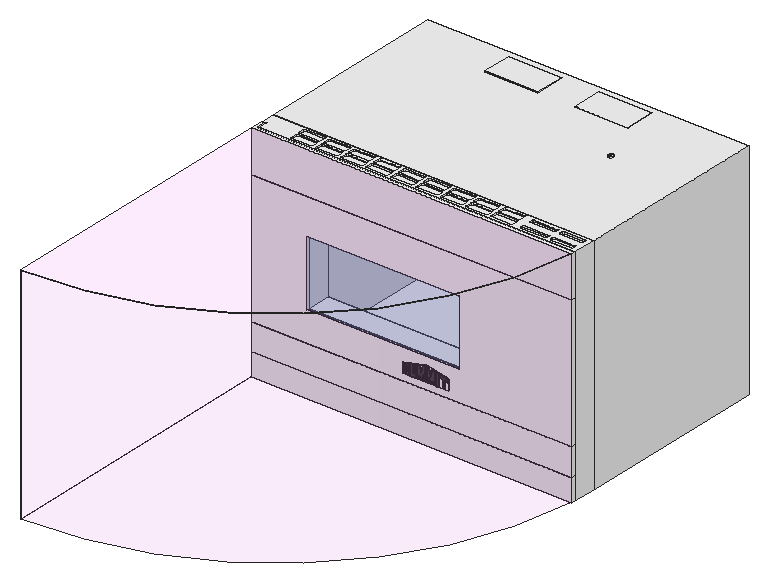
Revit family "Qf_Summit_MHOTR241W_24 inches Wide Over-The-Range Microwave", category Specialty Equipment, Revit 2020
Family settings
  Round Connector Dimension = Use Diameter
  Part Type = Normal
  Work Plane-Based = No
  Always vertical = Yes
  Cut with Voids When Loaded = No
  Shared = No
  Room Calculation Point = No
Parameters
  Weight in Pounds = 51
  Watts = 1000 W
  Volts = 115 V
  URL Cutsheet = ""
  Specification by User = ""
  Specification by Manufacturer = ""
  Show Clearance [instance] = yes
  Serial Number = ""
  Seismic Rating = ""
  SMACNA No = ""
  Revision Code = ""
  Phase = 1
  Number of Poles = 1
  NAFEM Spec ID Number = ""
  Model = "MHOTR241W"
  Min Ckt Ampacity = 0 A
  Max Overcurrent Protection = 0 A
  Masterspec = ""
  Manufacturer = "Summit"
  Length = 24"
  Item Number = ""
  Installed By = ""
  Identify Quantity as Lot = yes
  Height = 17 1/2"
  HP = ""
  Furnished By = ""
  Foodservice Equipment Identifier = yes
  FL Amps = 13.5 A
  Electrical Remarks = ""
  Electric Connection Type = ""
  Elec Conn RI Height = 16 3/4"
  Elec Conn Connection Height = 0"
  Description = "24\" Wide Over-the-Range Microwave"
  Depth = 17"
  Default Elevation = 0"
  Cycle = 60 Hz
  Conn Plug = ""
  Conn Conduit = yes
  CSI MasterFormat = ""
  Apparent Power = if(Phase = 3, Volts * FL Amps * 1.73, Volts * FL Amps)  # 1552.5 VA
Reference planes (in)
  plane 1 "BACK": y = 0
  plane 2: z = 0
  plane 3 "LEFT": x = 0
  plane 4 "RIGHT": x = 24
  plane 5 "FRONT": y = -17
  plane 6 "TOP": z = 17.5
  plane 7 "Center Y": x = 12
  plane 8 "Center X": y = -8.5
  plane 9: y = -38.75
  plane 10: y = -15
  plane 11: y = -0.5
  plane 12: y = -6.5
  plane 13: z = 0.75
  plane 14: z = 4.5
  plane 15: z = 2.4375
  plane 16: x = 18.5
  plane 17: z = 14.375
Forms (in)
  Extrusion 1, solid, material "QF_Plastic_White_Smooth"
    sketch origin (0, 0, 19.5) x (1, 0, 0) y (0, 1, 0)
      loop
        line (0, -17) -> (24, -17) -> (24, -16.75) -> (0.1875, -16.75) -> (0.1875, -16.125) -> (0, -16.125) -> (0, -17)
    from -15 to -5.125
  Extrusion 2, solid, material "QF_Plastic_White_Smooth"
    sketch origin (0, 0, 19.5) x (1, 0, 0) y (0, 1, 0)
      loop
        line (0.3125, -16) -> (0.3125, -16.75) -> (24, -16.75) -> (24, -15) -> (0, -15) -> (0, -16) -> (0.3125, -16)
    from -18.75 to -2
  Extrusion 3, solid, material "QF_Plastic_White_Smooth"
    sketch origin (0, 0, 19.5) x (1, 0, 0) y (0, 1, 0)
      loop
        line (0, -0.5) -> (0, -15) -> (24, -15) -> (24, -0.5) -> (0, -0.5)
    from -18.75 to -2
  Extrusion 4, solid, material "QF_Plastic_White_Smooth"
    sketch origin (0, 0, 19.5) x (1, 0, 0) y (0, 1, 0)
      loop
        line (2.125, 0) -> (1.625, -0.5) -> (22.5, -0.5) -> (22, 0) -> (2.125, 0)
    from -18 to -2.75
  Extrusion 5, void
    sketch origin (0, -16.375, 2.125) x (1, 0, 0) y (0, 0, -1)
      loop
        line (4.0625, -9.5625) -> (15.5625, -9.5625) -> (15.5625, -4.5625) -> (4.0625, -4.5625) -> (4.0625, -9.5625)
    from -0.625 to 1.375
  Extrusion 6, void
    sketch origin (0, -16.375, 2.125) x (1, 0, 0) y (0, 0, -1)
      loop
        line (2.9375, -11.0625) -> (17.4375, -11.0625) -> (17.4375, -1.0625) -> (2.9375, -1.0625) -> (2.9375, -11.0625)
    from 1.375 to 15.375
  Extrusion 7, solid, material "QF_Plastic_White_Smooth"
    sketch origin (0, -16.375, 2.125) x (1, 0, 0) y (0, 0, -1)
      loop
        line (0.375, 1.375) -> (23.625, 1.375) -> (23.11982, 2.125) -> (0.88018, 2.125) -> (0.375, 1.375)
    from 1.375 to 15.375
  Extrusion 8, solid, material "QF_Plastic_White_Smooth"
    sketch origin (0, 0, 6.5) x (1, 0, 0) y (0, 1, 0)
      loop
        line (0, -17) -> (24, -17) -> (24, -16.75) -> (0.1875, -16.75) -> (0.1875, -16.125) -> (0, -16.125) -> (0, -17)
    from -4.0625 to -2
  Extrusion 9, solid, material "QF_Plastic_White_Smooth"
    sketch origin (0, 0, 4.4375) x (1, 0, 0) y (0, 1, 0)
      loop
        line (0, -17) -> (24, -17) -> (24, -16.75) -> (0.1875, -16.75) -> (0.1875, -16.125) -> (0, -16.125) -> (0, -17)
    from -3.6875 to -2
  Extrusion 10, solid, material "Glass"
    sketch origin (24.125, -17, 19.5) x (-1, 0, 0) y (0, 0, -1)
      loop
        line (20.0625, 12.8125) -> (8.5625, 12.8125) -> (8.5625, 7.8125) -> (20.0625, 7.8125) -> (20.0625, 12.8125)
    from 0 to -2
  Extrusion 11, solid, material "QF_Plastic_White_Smooth"
    sketch origin (0, 0, 17.5) x (1, 0, 0) y (0, 1, 0)
      loop
        circle (18.5, -6.5) r 0.17168
      loop
        circle (18.5, -6.5) r 0.08422
      loop
        line (6.4375, -3.25) -> (10.4375, -3.25) -> (10.4375, -1) -> (6.4375, -1) -> (6.4375, -3.25)
      loop
        line (13.1875, -1) -> (13.1875, -3.25) -> (17.1875, -3.25) -> (17.1875, -1) -> (13.1875, -1)
    from 0 to 0.03332
  Extrusion 12, void
    sketch origin (0, 0, 17.5) x (0, 1, 0) y (1, 0, 0)
      loop
        arc (-15.34484, 2.5) -> (-15.25645, 2.53661) -> (-15.21984, 2.625) r 0.125
        line (-15.21984, 2.625) -> (-15.21984, 4)
        arc (-15.21984, 4) -> (-15.25645, 4.08839) -> (-15.34484, 4.125) r 0.125
        line (-15.34484, 4.125) -> (-15.71984, 4.125)
        arc (-15.71984, 4.125) -> (-15.80823, 4.08839) -> (-15.84484, 4) r 0.125
        line (-15.84484, 4) -> (-15.84484, 2.625)
        arc (-15.84484, 2.625) -> (-15.80823, 2.53661) -> (-15.71984, 2.5) r 0.125
        line (-15.71984, 2.5) -> (-15.34484, 2.5)
      loop
        arc (-16.0625, 2.5) -> (-15.97411, 2.53661) -> (-15.9375, 2.625) r 0.125
        line (-15.9375, 2.625) -> (-15.9375, 4)
        arc (-15.9375, 4) -> (-15.97411, 4.08839) -> (-16.0625, 4.125) r 0.125
        line (-16.0625, 4.125) -> (-16.4375, 4.125)
        arc (-16.4375, 4.125) -> (-16.52589, 4.08839) -> (-16.5625, 4) r 0.125
        line (-16.5625, 4) -> (-16.5625, 2.625)
        arc (-16.5625, 2.625) -> (-16.52589, 2.53661) -> (-16.4375, 2.5) r 0.125
        line (-16.4375, 2.5) -> (-16.0625, 2.5)
      loop
        arc (-15.34484, 4.375) -> (-15.25645, 4.41161) -> (-15.21984, 4.5) r 0.125
        line (-15.21984, 4.5) -> (-15.21984, 5.875)
        arc (-15.21984, 5.875) -> (-15.25645, 5.96339) -> (-15.34484, 6) r 0.125
        line (-15.34484, 6) -> (-15.71984, 6)
        arc (-15.71984, 6) -> (-15.80823, 5.96339) -> (-15.84484, 5.875) r 0.125
        line (-15.84484, 5.875) -> (-15.84484, 4.5)
        arc (-15.84484, 4.5) -> (-15.80823, 4.41161) -> (-15.71984, 4.375) r 0.125
        line (-15.71984, 4.375) -> (-15.34484, 4.375)
      loop
        arc (-16.0625, 4.375) -> (-15.97411, 4.41161) -> (-15.9375, 4.5) r 0.125
        line (-15.9375, 4.5) -> (-15.9375, 5.875)
        arc (-15.9375, 5.875) -> (-15.97411, 5.96339) -> (-16.0625, 6) r 0.125
        line (-16.0625, 6) -> (-16.4375, 6)
        arc (-16.4375, 6) -> (-16.52589, 5.96339) -> (-16.5625, 5.875) r 0.125
        line (-16.5625, 5.875) -> (-16.5625, 4.5)
        arc (-16.5625, 4.5) -> (-16.52589, 4.41161) -> (-16.4375, 4.375) r 0.125
        line (-16.4375, 4.375) -> (-16.0625, 4.375)
      loop
        arc (-15.34484, 6.25) -> (-15.25645, 6.28661) -> (-15.21984, 6.375) r 0.125
        line (-15.21984, 6.375) -> (-15.21984, 7.75)
        arc (-15.21984, 7.75) -> (-15.25645, 7.83839) -> (-15.34484, 7.875) r 0.125
        line (-15.34484, 7.875) -> (-15.71984, 7.875)
        arc (-15.71984, 7.875) -> (-15.80823, 7.83839) -> (-15.84484, 7.75) r 0.125
        line (-15.84484, 7.75) -> (-15.84484, 6.375)
        arc (-15.84484, 6.375) -> (-15.80823, 6.28661) -> (-15.71984, 6.25) r 0.125
        line (-15.71984, 6.25) -> (-15.34484, 6.25)
      loop
        arc (-16.0625, 6.25) -> (-15.97411, 6.28661) -> (-15.9375, 6.375) r 0.125
        line (-15.9375, 6.375) -> (-15.9375, 7.75)
        arc (-15.9375, 7.75) -> (-15.97411, 7.83839) -> (-16.0625, 7.875) r 0.125
        line (-16.0625, 7.875) -> (-16.4375, 7.875)
        arc (-16.4375, 7.875) -> (-16.52589, 7.83839) -> (-16.5625, 7.75) r 0.125
        line (-16.5625, 7.75) -> (-16.5625, 6.375)
        arc (-16.5625, 6.375) -> (-16.52589, 6.28661) -> (-16.4375, 6.25) r 0.125
        line (-16.4375, 6.25) -> (-16.0625, 6.25)
      loop
        arc (-15.34484, 8.125) -> (-15.25645, 8.16161) -> (-15.21984, 8.25) r 0.125
        line (-15.21984, 8.25) -> (-15.21984, 9.625)
        arc (-15.21984, 9.625) -> (-15.25645, 9.71339) -> (-15.34484, 9.75) r 0.125
        line (-15.34484, 9.75) -> (-15.71984, 9.75)
        arc (-15.71984, 9.75) -> (-15.80823, 9.71339) -> (-15.84484, 9.625) r 0.125
        line (-15.84484, 9.625) -> (-15.84484, 8.25)
        arc (-15.84484, 8.25) -> (-15.80823, 8.16161) -> (-15.71984, 8.125) r 0.125
        line (-15.71984, 8.125) -> (-15.34484, 8.125)
      loop
        arc (-16.0625, 8.125) -> (-15.97411, 8.16161) -> (-15.9375, 8.25) r 0.125
        line (-15.9375, 8.25) -> (-15.9375, 9.625)
        arc (-15.9375, 9.625) -> (-15.97411, 9.71339) -> (-16.0625, 9.75) r 0.125
        line (-16.0625, 9.75) -> (-16.4375, 9.75)
        arc (-16.4375, 9.75) -> (-16.52589, 9.71339) -> (-16.5625, 9.625) r 0.125
        line (-16.5625, 9.625) -> (-16.5625, 8.25)
        arc (-16.5625, 8.25) -> (-16.52589, 8.16161) -> (-16.4375, 8.125) r 0.125
        line (-16.4375, 8.125) -> (-16.0625, 8.125)
      loop
        arc (-15.34484, 10) -> (-15.25645, 10.03661) -> (-15.21984, 10.125) r 0.125
        line (-15.21984, 10.125) -> (-15.21984, 11.5)
        arc (-15.21984, 11.5) -> (-15.25645, 11.58839) -> (-15.34484, 11.625) r 0.125
        line (-15.34484, 11.625) -> (-15.71984, 11.625)
        arc (-15.71984, 11.625) -> (-15.80823, 11.58839) -> (-15.84484, 11.5) r 0.125
        line (-15.84484, 11.5) -> (-15.84484, 10.125)
        arc (-15.84484, 10.125) -> (-15.80823, 10.03661) -> (-15.71984, 10) r 0.125
        line (-15.71984, 10) -> (-15.34484, 10)
      loop
        arc (-16.0625, 10) -> (-15.97411, 10.03661) -> (-15.9375, 10.125) r 0.125
        line (-15.9375, 10.125) -> (-15.9375, 11.5)
        arc (-15.9375, 11.5) -> (-15.97411, 11.58839) -> (-16.0625, 11.625) r 0.125
        line (-16.0625, 11.625) -> (-16.4375, 11.625)
        arc (-16.4375, 11.625) -> (-16.52589, 11.58839) -> (-16.5625, 11.5) r 0.125
        line (-16.5625, 11.5) -> (-16.5625, 10.125)
        arc (-16.5625, 10.125) -> (-16.52589, 10.03661) -> (-16.4375, 10) r 0.125
        line (-16.4375, 10) -> (-16.0625, 10)
      loop
        arc (-15.34484, 11.875) -> (-15.25645, 11.91161) -> (-15.21984, 12) r 0.125
        line (-15.21984, 12) -> (-15.21984, 13.375)
        arc (-15.21984, 13.375) -> (-15.25645, 13.46339) -> (-15.34484, 13.5) r 0.125
        line (-15.34484, 13.5) -> (-15.71984, 13.5)
        arc (-15.71984, 13.5) -> (-15.80823, 13.46339) -> (-15.84484, 13.375) r 0.125
        line (-15.84484, 13.375) -> (-15.84484, 12)
        arc (-15.84484, 12) -> (-15.80823, 11.91161) -> (-15.71984, 11.875) r 0.125
        line (-15.71984, 11.875) -> (-15.34484, 11.875)
      loop
        arc (-16.0625, 11.875) -> (-15.97411, 11.91161) -> (-15.9375, 12) r 0.125
        line (-15.9375, 12) -> (-15.9375, 13.375)
        arc (-15.9375, 13.375) -> (-15.97411, 13.46339) -> (-16.0625, 13.5) r 0.125
        line (-16.0625, 13.5) -> (-16.4375, 13.5)
        arc (-16.4375, 13.5) -> (-16.52589, 13.46339) -> (-16.5625, 13.375) r 0.125
        line (-16.5625, 13.375) -> (-16.5625, 12)
        arc (-16.5625, 12) -> (-16.52589, 11.91161) -> (-16.4375, 11.875) r 0.125
        line (-16.4375, 11.875) -> (-16.0625, 11.875)
      loop
        arc (-15.34484, 13.75) -> (-15.25645, 13.78661) -> (-15.21984, 13.875) r 0.125
        line (-15.21984, 13.875) -> (-15.21984, 15.25)
        arc (-15.21984, 15.25) -> (-15.25645, 15.33839) -> (-15.34484, 15.375) r 0.125
        line (-15.34484, 15.375) -> (-15.71984, 15.375)
        arc (-15.71984, 15.375) -> (-15.80823, 15.33839) -> (-15.84484, 15.25) r 0.125
        line (-15.84484, 15.25) -> (-15.84484, 13.875)
        arc (-15.84484, 13.875) -> (-15.80823, 13.78661) -> (-15.71984, 13.75) r 0.125
        line (-15.71984, 13.75) -> (-15.34484, 13.75)
      loop
        arc (-16.0625, 13.75) -> (-15.97411, 13.78661) -> (-15.9375, 13.875) r 0.125
        line (-15.9375, 13.875) -> (-15.9375, 15.25)
        arc (-15.9375, 15.25) -> (-15.97411, 15.33839) -> (-16.0625, 15.375) r 0.125
        line (-16.0625, 15.375) -> (-16.4375, 15.375)
        arc (-16.4375, 15.375) -> (-16.52589, 15.33839) -> (-16.5625, 15.25) r 0.125
        line (-16.5625, 15.25) -> (-16.5625, 13.875)
        arc (-16.5625, 13.875) -> (-16.52589, 13.78661) -> (-16.4375, 13.75) r 0.125
        line (-16.4375, 13.75) -> (-16.0625, 13.75)
      loop
        arc (-15.34484, 15.625) -> (-15.25645, 15.66161) -> (-15.21984, 15.75) r 0.125
        line (-15.21984, 15.75) -> (-15.21984, 17.125)
        arc (-15.21984, 17.125) -> (-15.25645, 17.21339) -> (-15.34484, 17.25) r 0.125
        line (-15.34484, 17.25) -> (-15.71984, 17.25)
        arc (-15.71984, 17.25) -> (-15.80823, 17.21339) -> (-15.84484, 17.125) r 0.125
        line (-15.84484, 17.125) -> (-15.84484, 15.75)
        arc (-15.84484, 15.75) -> (-15.80823, 15.66161) -> (-15.71984, 15.625) r 0.125
        line (-15.71984, 15.625) -> (-15.34484, 15.625)
      loop
        arc (-16.0625, 15.625) -> (-15.97411, 15.66161) -> (-15.9375, 15.75) r 0.125
        line (-15.9375, 15.75) -> (-15.9375, 17.125)
        arc (-15.9375, 17.125) -> (-15.97411, 17.21339) -> (-16.0625, 17.25) r 0.125
        line (-16.0625, 17.25) -> (-16.4375, 17.25)
        arc (-16.4375, 17.25) -> (-16.52589, 17.21339) -> (-16.5625, 17.125) r 0.125
        line (-16.5625, 17.125) -> (-16.5625, 15.75)
        arc (-16.5625, 15.75) -> (-16.52589, 15.66161) -> (-16.4375, 15.625) r 0.125
        line (-16.4375, 15.625) -> (-16.0625, 15.625)
      loop
        arc (-15.34484, 17.5) -> (-15.25645, 17.53661) -> (-15.21984, 17.625) r 0.125
        line (-15.21984, 17.625) -> (-15.21984, 19)
        arc (-15.21984, 19) -> (-15.25645, 19.08839) -> (-15.34484, 19.125) r 0.125
        line (-15.34484, 19.125) -> (-15.71984, 19.125)
        arc (-15.71984, 19.125) -> (-15.80823, 19.08839) -> (-15.84484, 19) r 0.125
        line (-15.84484, 19) -> (-15.84484, 17.625)
        arc (-15.84484, 17.625) -> (-15.80823, 17.53661) -> (-15.71984, 17.5) r 0.125
        line (-15.71984, 17.5) -> (-15.34484, 17.5)
      loop
        arc (-16.0625, 17.5) -> (-15.97411, 17.53661) -> (-15.9375, 17.625) r 0.125
        line (-15.9375, 17.625) -> (-15.9375, 19)
        arc (-15.9375, 19) -> (-15.97411, 19.08839) -> (-16.0625, 19.125) r 0.125
        line (-16.0625, 19.125) -> (-16.4375, 19.125)
        arc (-16.4375, 19.125) -> (-16.52589, 19.08839) -> (-16.5625, 19) r 0.125
        line (-16.5625, 19) -> (-16.5625, 17.625)
        arc (-16.5625, 17.625) -> (-16.52589, 17.53661) -> (-16.4375, 17.5) r 0.125
        line (-16.4375, 17.5) -> (-16.0625, 17.5)
      loop
        arc (-15.4375, 19.6931) -> (-15.34911, 19.72971) -> (-15.3125, 19.8181) r 0.125
        line (-15.3125, 19.8181) -> (-15.3125, 21.5681)
        arc (-15.3125, 21.5681) -> (-15.34911, 21.65649) -> (-15.4375, 21.6931) r 0.125
        line (-15.4375, 21.6931) -> (-15.5625, 21.6931)
        arc (-15.5625, 21.6931) -> (-15.65089, 21.65649) -> (-15.6875, 21.5681) r 0.125
        line (-15.6875, 21.5681) -> (-15.6875, 19.8181)
        arc (-15.6875, 19.8181) -> (-15.65089, 19.72971) -> (-15.5625, 19.6931) r 0.125
        line (-15.5625, 19.6931) -> (-15.4375, 19.6931)
      loop
        arc (-16.3125, 19.6931) -> (-16.22411, 19.72971) -> (-16.1875, 19.8181) r 0.125
        line (-16.1875, 19.8181) -> (-16.1875, 21.5681)
        arc (-16.1875, 21.5681) -> (-16.22411, 21.65649) -> (-16.3125, 21.6931) r 0.125
        line (-16.3125, 21.6931) -> (-16.4375, 21.6931)
        arc (-16.4375, 21.6931) -> (-16.52589, 21.65649) -> (-16.5625, 21.5681) r 0.125
        line (-16.5625, 21.5681) -> (-16.5625, 19.8181)
        arc (-16.5625, 19.8181) -> (-16.52589, 19.72971) -> (-16.4375, 19.6931) r 0.125
        line (-16.4375, 19.6931) -> (-16.3125, 19.6931)
      loop
        arc (-15.4375, 21.9431) -> (-15.34911, 21.97971) -> (-15.3125, 22.0681) r 0.125
        line (-15.3125, 22.0681) -> (-15.3125, 23.5681)
        arc (-15.3125, 23.5681) -> (-15.34911, 23.65649) -> (-15.4375, 23.6931) r 0.125
        line (-15.4375, 23.6931) -> (-15.5625, 23.6931)
        arc (-15.5625, 23.6931) -> (-15.65089, 23.65649) -> (-15.6875, 23.5681) r 0.125
        line (-15.6875, 23.5681) -> (-15.6875, 22.0681)
        arc (-15.6875, 22.0681) -> (-15.65089, 21.97971) -> (-15.5625, 21.9431) r 0.125
        line (-15.5625, 21.9431) -> (-15.4375, 21.9431)
      loop
        arc (-16.3125, 21.9431) -> (-16.22411, 21.97971) -> (-16.1875, 22.0681) r 0.125
        line (-16.1875, 22.0681) -> (-16.1875, 23.5681)
        arc (-16.1875, 23.5681) -> (-16.22411, 23.65649) -> (-16.3125, 23.6931) r 0.125
        line (-16.3125, 23.6931) -> (-16.4375, 23.6931)
        arc (-16.4375, 23.6931) -> (-16.52589, 23.65649) -> (-16.5625, 23.5681) r 0.125
        line (-16.5625, 23.5681) -> (-16.5625, 22.0681)
        arc (-16.5625, 22.0681) -> (-16.52589, 21.97971) -> (-16.4375, 21.9431) r 0.125
        line (-16.4375, 21.9431) -> (-16.3125, 21.9431)
    from 0 to 0.08627
  Extrusion 13, solid, material "QF_Plastic_White_Smooth"
    sketch origin (0, 0, 22.625) x (1, 0, 0) y (0, 1, 0)
      loop
        line (0, -17) -> (24, -17) -> (24, -16.75) -> (0.1875, -16.75) -> (0.1875, -16.125) -> (0, -16.125) -> (0, -17)
    from -8.25 to -5.125
  Extrusion 14, solid, material "QF_Clearances_Door_Drawer"
    sketch origin (0, 0, 19.5) x (1, 0, 0) y (0, 1, 0)
      loop
        line (24, -17) -> (0, -17) -> (0, -38.75) -> (0.1057, -38.75)
        arc (0.1057, -38.75) -> (16.2612, -32.49824) -> (24, -17) r 24
    from -18.75 to -2
Cuts and joins
  Extrusion 5 cuts Extrusion 1
  Extrusion 5, Extrusion 12 cuts Extrusion 2
  Extrusion 6 cuts Extrusion 3
  joined: Extrusion 3, Extrusion 11
  Extrusion 12 cuts Extrusion 10
Lines and regions (in)
  Split face 1
    outline origin (24.84375, -17, 6.5) x (-1, 0, 0) y (0, 0, -1)
      loop
        line (20.65625, 2.3125) -> (21.78125, 2.3125)
        arc (21.78125, 2.3125) -> (21.86964, 2.34911) -> (21.90625, 2.4375) r 0.125
        line (21.90625, 2.4375) -> (21.90625, 2.8125)
        arc (21.90625, 2.8125) -> (21.86964, 2.90089) -> (21.78125, 2.9375) r 0.125
        line (21.78125, 2.9375) -> (20.65625, 2.9375)
        arc (20.65625, 2.9375) -> (20.56786, 2.90089) -> (20.53125, 2.8125) r 0.125
        line (20.53125, 2.8125) -> (20.53125, 2.4375)
        arc (20.53125, 2.4375) -> (20.56786, 2.34911) -> (20.65625, 2.3125) r 0.125
  Split face 2
    outline origin (24.84375, -17, 5.5) x (-1, 0, 0) y (0, 0, -1)
      loop
        line (20.65625, 2.3125) -> (21.78125, 2.3125)
        arc (21.78125, 2.3125) -> (21.86964, 2.34911) -> (21.90625, 2.4375) r 0.125
        line (21.90625, 2.4375) -> (21.90625, 2.8125)
        arc (21.90625, 2.8125) -> (21.86964, 2.90089) -> (21.78125, 2.9375) r 0.125
        line (21.78125, 2.9375) -> (20.65625, 2.9375)
        arc (20.65625, 2.9375) -> (20.56786, 2.90089) -> (20.53125, 2.8125) r 0.125
        line (20.53125, 2.8125) -> (20.53125, 2.4375)
        arc (20.53125, 2.4375) -> (20.56786, 2.34911) -> (20.65625, 2.3125) r 0.125
  Split face 3
    outline origin (27.31553, -17, 6.5) x (-1, 0, 0) y (0, 0, -1)
      loop
        line (20.65625, 2.3125) -> (21.78125, 2.3125)
        arc (21.78125, 2.3125) -> (21.86964, 2.34911) -> (21.90625, 2.4375) r 0.125
        line (21.90625, 2.4375) -> (21.90625, 2.8125)
        arc (21.90625, 2.8125) -> (21.86964, 2.90089) -> (21.78125, 2.9375) r 0.125
        line (21.78125, 2.9375) -> (20.65625, 2.9375)
        arc (20.65625, 2.9375) -> (20.56786, 2.90089) -> (20.53125, 2.8125) r 0.125
        line (20.53125, 2.8125) -> (20.53125, 2.4375)
        arc (20.53125, 2.4375) -> (20.56786, 2.34911) -> (20.65625, 2.3125) r 0.125
  Split face 4
    outline origin (27.31553, -17, 5.5) x (-1, 0, 0) y (0, 0, -1)
      loop
        line (20.65625, 2.3125) -> (21.78125, 2.3125)
        arc (21.78125, 2.3125) -> (21.86964, 2.34911) -> (21.90625, 2.4375) r 0.125
        line (21.90625, 2.4375) -> (21.90625, 2.8125)
        arc (21.90625, 2.8125) -> (21.86964, 2.90089) -> (21.78125, 2.9375) r 0.125
        line (21.78125, 2.9375) -> (20.65625, 2.9375)
        arc (20.65625, 2.9375) -> (20.56786, 2.90089) -> (20.53125, 2.8125) r 0.125
        line (20.53125, 2.8125) -> (20.53125, 2.4375)
        arc (20.53125, 2.4375) -> (20.56786, 2.34911) -> (20.65625, 2.3125) r 0.125
  Split face 5
    outline origin (29.19053, -17, 6.5) x (-1, 0, 0) y (0, 0, -1)
      loop
        line (20.65625, 2.3125) -> (21.78125, 2.3125)
        arc (21.78125, 2.3125) -> (21.86964, 2.34911) -> (21.90625, 2.4375) r 0.125
        line (21.90625, 2.4375) -> (21.90625, 2.8125)
        arc (21.90625, 2.8125) -> (21.86964, 2.90089) -> (21.78125, 2.9375) r 0.125
        line (21.78125, 2.9375) -> (20.65625, 2.9375)
        arc (20.65625, 2.9375) -> (20.56786, 2.90089) -> (20.53125, 2.8125) r 0.125
        line (20.53125, 2.8125) -> (20.53125, 2.4375)
        arc (20.53125, 2.4375) -> (20.56786, 2.34911) -> (20.65625, 2.3125) r 0.125
  Split face 6
    outline origin (29.19053, -17, 5.5) x (-1, 0, 0) y (0, 0, -1)
      loop
        line (20.65625, 2.3125) -> (21.78125, 2.3125)
        arc (21.78125, 2.3125) -> (21.86964, 2.34911) -> (21.90625, 2.4375) r 0.125
        line (21.90625, 2.4375) -> (21.90625, 2.8125)
        arc (21.90625, 2.8125) -> (21.86964, 2.90089) -> (21.78125, 2.9375) r 0.125
        line (21.78125, 2.9375) -> (20.65625, 2.9375)
        arc (20.65625, 2.9375) -> (20.56786, 2.90089) -> (20.53125, 2.8125) r 0.125
        line (20.53125, 2.8125) -> (20.53125, 2.4375)
        arc (20.53125, 2.4375) -> (20.56786, 2.34911) -> (20.65625, 2.3125) r 0.125
  Split face 7
    outline origin (31.66231, -17, 6.5) x (-1, 0, 0) y (0, 0, -1)
      loop
        line (20.65625, 2.3125) -> (21.78125, 2.3125)
        arc (21.78125, 2.3125) -> (21.86964, 2.34911) -> (21.90625, 2.4375) r 0.125
        line (21.90625, 2.4375) -> (21.90625, 2.8125)
        arc (21.90625, 2.8125) -> (21.86964, 2.90089) -> (21.78125, 2.9375) r 0.125
        line (21.78125, 2.9375) -> (20.65625, 2.9375)
        arc (20.65625, 2.9375) -> (20.56786, 2.90089) -> (20.53125, 2.8125) r 0.125
        line (20.53125, 2.8125) -> (20.53125, 2.4375)
        arc (20.53125, 2.4375) -> (20.56786, 2.34911) -> (20.65625, 2.3125) r 0.125
  Split face 8
    outline origin (31.66231, -17, 5.5) x (-1, 0, 0) y (0, 0, -1)
      loop
        line (20.65625, 2.3125) -> (21.78125, 2.3125)
        arc (21.78125, 2.3125) -> (21.86964, 2.34911) -> (21.90625, 2.4375) r 0.125
        line (21.90625, 2.4375) -> (21.90625, 2.8125)
        arc (21.90625, 2.8125) -> (21.86964, 2.90089) -> (21.78125, 2.9375) r 0.125
        line (21.78125, 2.9375) -> (20.65625, 2.9375)
        arc (20.65625, 2.9375) -> (20.56786, 2.90089) -> (20.53125, 2.8125) r 0.125
        line (20.53125, 2.8125) -> (20.53125, 2.4375)
        arc (20.53125, 2.4375) -> (20.56786, 2.34911) -> (20.65625, 2.3125) r 0.125
  Split face 9
    outline origin (40.66231, -17, 6.625) x (-1, 0, 0) y (0, 0, -1)
      loop
        line (20.65625, 2.3125) -> (21.78125, 2.3125)
        arc (21.78125, 2.3125) -> (21.86964, 2.34911) -> (21.90625, 2.4375) r 0.125
        line (21.90625, 2.4375) -> (21.90625, 2.8125)
        arc (21.90625, 2.8125) -> (21.86964, 2.90089) -> (21.78125, 2.9375) r 0.125
        line (21.78125, 2.9375) -> (20.65625, 2.9375)
        arc (20.65625, 2.9375) -> (20.56786, 2.90089) -> (20.53125, 2.8125) r 0.125
        line (20.53125, 2.8125) -> (20.53125, 2.4375)
        arc (20.53125, 2.4375) -> (20.56786, 2.34911) -> (20.65625, 2.3125) r 0.125
  Split face 10
    outline origin (40.66231, -17, 5.625) x (-1, 0, 0) y (0, 0, -1)
      loop
        line (20.65625, 2.3125) -> (21.78125, 2.3125)
        arc (21.78125, 2.3125) -> (21.86964, 2.34911) -> (21.90625, 2.4375) r 0.125
        line (21.90625, 2.4375) -> (21.90625, 2.8125)
        arc (21.90625, 2.8125) -> (21.86964, 2.90089) -> (21.78125, 2.9375) r 0.125
        line (21.78125, 2.9375) -> (20.65625, 2.9375)
        arc (20.65625, 2.9375) -> (20.56786, 2.90089) -> (20.53125, 2.8125) r 0.125
        line (20.53125, 2.8125) -> (20.53125, 2.4375)
        arc (20.53125, 2.4375) -> (20.56786, 2.34911) -> (20.65625, 2.3125) r 0.125
  Split face 11
    outline origin (42.53125, -17, 6.625) x (-1, 0, 0) y (0, 0, -1)
      loop
        line (20.65625, 2.3125) -> (21.78125, 2.3125)
        arc (21.78125, 2.3125) -> (21.86964, 2.34911) -> (21.90625, 2.4375) r 0.125
        line (21.90625, 2.4375) -> (21.90625, 2.8125)
        arc (21.90625, 2.8125) -> (21.86964, 2.90089) -> (21.78125, 2.9375) r 0.125
        line (21.78125, 2.9375) -> (20.65625, 2.9375)
        arc (20.65625, 2.9375) -> (20.56786, 2.90089) -> (20.53125, 2.8125) r 0.125
        line (20.53125, 2.8125) -> (20.53125, 2.4375)
        arc (20.53125, 2.4375) -> (20.56786, 2.34911) -> (20.65625, 2.3125) r 0.125
  Split face 12
    outline origin (42.53125, -17, 5.625) x (-1, 0, 0) y (0, 0, -1)
      loop
        line (20.65625, 2.3125) -> (21.78125, 2.3125)
        arc (21.78125, 2.3125) -> (21.86964, 2.34911) -> (21.90625, 2.4375) r 0.125
        line (21.90625, 2.4375) -> (21.90625, 2.8125)
        arc (21.90625, 2.8125) -> (21.86964, 2.90089) -> (21.78125, 2.9375) r 0.125
        line (21.78125, 2.9375) -> (20.65625, 2.9375)
        arc (20.65625, 2.9375) -> (20.56786, 2.90089) -> (20.53125, 2.8125) r 0.125
        line (20.53125, 2.8125) -> (20.53125, 2.4375)
        arc (20.53125, 2.4375) -> (20.56786, 2.34911) -> (20.65625, 2.3125) r 0.125
  Split face 13
    outline origin (35.41231, -17, 6.625) x (-1, 0, 0) y (0, 0, -1)
      loop
        arc (20.31856, 2.3125) -> (20.34066, 2.32165) -> (20.34981, 2.34375) r 0.03125
        line (20.34981, 2.34375) -> (20.34981, 2.73958)
        arc (20.34981, 2.73958) -> (20.34066, 2.76168) -> (20.31856, 2.77083) r 0.03125
        line (20.31856, 2.77083) -> (19.88106, 2.77083)
        arc (19.88106, 2.77083) -> (19.85896, 2.76168) -> (19.84981, 2.73958) r 0.03125
        line (19.84981, 2.73958) -> (19.84981, 2.34375)
        arc (19.84981, 2.34375) -> (19.85896, 2.32165) -> (19.88106, 2.3125) r 0.03125
        line (19.88106, 2.3125) -> (20.31856, 2.3125)
  Split face 14
    outline origin (36.09981, -17, 6.625) x (-1, 0, 0) y (0, 0, -1)
      loop
        arc (20.31856, 2.3125) -> (20.34066, 2.32165) -> (20.34981, 2.34375) r 0.03125
        line (20.34981, 2.34375) -> (20.34981, 2.73958)
        arc (20.34981, 2.73958) -> (20.34066, 2.76168) -> (20.31856, 2.77083) r 0.03125
        line (20.31856, 2.77083) -> (19.88106, 2.77083)
        arc (19.88106, 2.77083) -> (19.85896, 2.76168) -> (19.84981, 2.73958) r 0.03125
        line (19.84981, 2.73958) -> (19.84981, 2.34375)
        arc (19.84981, 2.34375) -> (19.85896, 2.32165) -> (19.88106, 2.3125) r 0.03125
        line (19.88106, 2.3125) -> (20.31856, 2.3125)
  Split face 15
    outline origin (36.78731, -17, 6.625) x (-1, 0, 0) y (0, 0, -1)
      loop
        arc (20.31856, 2.3125) -> (20.34066, 2.32165) -> (20.34981, 2.34375) r 0.03125
        line (20.34981, 2.34375) -> (20.34981, 2.73958)
        arc (20.34981, 2.73958) -> (20.34066, 2.76168) -> (20.31856, 2.77083) r 0.03125
        line (20.31856, 2.77083) -> (19.88106, 2.77083)
        arc (19.88106, 2.77083) -> (19.85896, 2.76168) -> (19.84981, 2.73958) r 0.03125
        line (19.84981, 2.73958) -> (19.84981, 2.34375)
        arc (19.84981, 2.34375) -> (19.85896, 2.32165) -> (19.88106, 2.3125) r 0.03125
        line (19.88106, 2.3125) -> (20.31856, 2.3125)
  Split face 16
    outline origin (37.47481, -17, 6.625) x (-1, 0, 0) y (0, 0, -1)
      loop
        arc (20.31856, 2.3125) -> (20.34066, 2.32165) -> (20.34981, 2.34375) r 0.03125
        line (20.34981, 2.34375) -> (20.34981, 2.73958)
        arc (20.34981, 2.73958) -> (20.34066, 2.76168) -> (20.31856, 2.77083) r 0.03125
        line (20.31856, 2.77083) -> (19.88106, 2.77083)
        arc (19.88106, 2.77083) -> (19.85896, 2.76168) -> (19.84981, 2.73958) r 0.03125
        line (19.84981, 2.73958) -> (19.84981, 2.34375)
        arc (19.84981, 2.34375) -> (19.85896, 2.32165) -> (19.88106, 2.3125) r 0.03125
        line (19.88106, 2.3125) -> (20.31856, 2.3125)
  Split face 17
    outline origin (38.16231, -17, 6.625) x (-1, 0, 0) y (0, 0, -1)
      loop
        arc (20.31856, 2.3125) -> (20.34066, 2.32165) -> (20.34981, 2.34375) r 0.03125
        line (20.34981, 2.34375) -> (20.34981, 2.73958)
        arc (20.34981, 2.73958) -> (20.34066, 2.76168) -> (20.31856, 2.77083) r 0.03125
        line (20.31856, 2.77083) -> (19.88106, 2.77083)
        arc (19.88106, 2.77083) -> (19.85896, 2.76168) -> (19.84981, 2.73958) r 0.03125
        line (19.84981, 2.73958) -> (19.84981, 2.34375)
        arc (19.84981, 2.34375) -> (19.85896, 2.32165) -> (19.88106, 2.3125) r 0.03125
        line (19.88106, 2.3125) -> (20.31856, 2.3125)
  Split face 18
    outline origin (35.41231, -17, 5.50251) x (-1, 0, 0) y (0, 0, -1)
      loop
        arc (20.31856, 2.3125) -> (20.34066, 2.32165) -> (20.34981, 2.34375) r 0.03125
        line (20.34981, 2.34375) -> (20.34981, 2.73958)
        arc (20.34981, 2.73958) -> (20.34066, 2.76168) -> (20.31856, 2.77083) r 0.03125
        line (20.31856, 2.77083) -> (19.88106, 2.77083)
        arc (19.88106, 2.77083) -> (19.85896, 2.76168) -> (19.84981, 2.73958) r 0.03125
        line (19.84981, 2.73958) -> (19.84981, 2.34375)
        arc (19.84981, 2.34375) -> (19.85896, 2.32165) -> (19.88106, 2.3125) r 0.03125
        line (19.88106, 2.3125) -> (20.31856, 2.3125)
  Split face 19
    outline origin (36.09981, -17, 5.50251) x (-1, 0, 0) y (0, 0, -1)
      loop
        arc (20.31856, 2.3125) -> (20.34066, 2.32165) -> (20.34981, 2.34375) r 0.03125
        line (20.34981, 2.34375) -> (20.34981, 2.73958)
        arc (20.34981, 2.73958) -> (20.34066, 2.76168) -> (20.31856, 2.77083) r 0.03125
        line (20.31856, 2.77083) -> (19.88106, 2.77083)
        arc (19.88106, 2.77083) -> (19.85896, 2.76168) -> (19.84981, 2.73958) r 0.03125
        line (19.84981, 2.73958) -> (19.84981, 2.34375)
        arc (19.84981, 2.34375) -> (19.85896, 2.32165) -> (19.88106, 2.3125) r 0.03125
        line (19.88106, 2.3125) -> (20.31856, 2.3125)
  Split face 20
    outline origin (36.78731, -17, 5.50251) x (-1, 0, 0) y (0, 0, -1)
      loop
        arc (20.31856, 2.3125) -> (20.34066, 2.32165) -> (20.34981, 2.34375) r 0.03125
        line (20.34981, 2.34375) -> (20.34981, 2.73958)
        arc (20.34981, 2.73958) -> (20.34066, 2.76168) -> (20.31856, 2.77083) r 0.03125
        line (20.31856, 2.77083) -> (19.88106, 2.77083)
        arc (19.88106, 2.77083) -> (19.85896, 2.76168) -> (19.84981, 2.73958) r 0.03125
        line (19.84981, 2.73958) -> (19.84981, 2.34375)
        arc (19.84981, 2.34375) -> (19.85896, 2.32165) -> (19.88106, 2.3125) r 0.03125
        line (19.88106, 2.3125) -> (20.31856, 2.3125)
  Split face 21
    outline origin (37.47481, -17, 5.50251) x (-1, 0, 0) y (0, 0, -1)
      loop
        arc (20.31856, 2.3125) -> (20.34066, 2.32165) -> (20.34981, 2.34375) r 0.03125
        line (20.34981, 2.34375) -> (20.34981, 2.73958)
        arc (20.34981, 2.73958) -> (20.34066, 2.76168) -> (20.31856, 2.77083) r 0.03125
        line (20.31856, 2.77083) -> (19.88106, 2.77083)
        arc (19.88106, 2.77083) -> (19.85896, 2.76168) -> (19.84981, 2.73958) r 0.03125
        line (19.84981, 2.73958) -> (19.84981, 2.34375)
        arc (19.84981, 2.34375) -> (19.85896, 2.32165) -> (19.88106, 2.3125) r 0.03125
        line (19.88106, 2.3125) -> (20.31856, 2.3125)
  Split face 22
    outline origin (38.16231, -17, 5.50251) x (-1, 0, 0) y (0, 0, -1)
      loop
        arc (20.31856, 2.3125) -> (20.34066, 2.32165) -> (20.34981, 2.34375) r 0.03125
        line (20.34981, 2.34375) -> (20.34981, 2.73958)
        arc (20.34981, 2.73958) -> (20.34066, 2.76168) -> (20.31856, 2.77083) r 0.03125
        line (20.31856, 2.77083) -> (19.88106, 2.77083)
        arc (19.88106, 2.77083) -> (19.85896, 2.76168) -> (19.84981, 2.73958) r 0.03125
        line (19.84981, 2.73958) -> (19.84981, 2.34375)
        arc (19.84981, 2.34375) -> (19.85896, 2.32165) -> (19.88106, 2.3125) r 0.03125
        line (19.88106, 2.3125) -> (20.31856, 2.3125)
  Split face 23
    outline origin (34.16231, -17, 6.5) x (-1, 0, 0) y (0, 0, -1)
      loop
        line (21.90625, 3.625) -> (19.90625, 3.625) -> (19.90625, 2.625) -> (21.90625, 2.625) -> (21.90625, 3.625)
  Split face 24
    outline origin (24.25, -17, 6.5) x (-1, 0, 0) y (0, 0, -1)
      loop
        arc (5.35331, 2.20312) -> (5.4417, 2.23974) -> (5.47831, 2.32812) r 0.125
        line (5.47831, 2.32812) -> (5.47831, 2.67187)
        arc (5.47831, 2.67187) -> (5.4417, 2.76026) -> (5.35331, 2.79687) r 0.125
        line (5.35331, 2.79687) -> (4.25956, 2.79687)
        arc (4.25956, 2.79687) -> (4.17117, 2.76026) -> (4.13456, 2.67187) r 0.125
        line (4.13456, 2.67187) -> (4.13456, 2.32812)
        arc (4.13456, 2.32812) -> (4.17117, 2.23974) -> (4.25956, 2.20312) r 0.125
        line (4.25956, 2.20312) -> (5.35331, 2.20312)
  Split face 25
    outline origin (24.25, -17, 5.5) x (-1, 0, 0) y (0, 0, -1)
      loop
        arc (5.35331, 2.20312) -> (5.4417, 2.23974) -> (5.47831, 2.32812) r 0.125
        line (5.47831, 2.32812) -> (5.47831, 2.67187)
        arc (5.47831, 2.67187) -> (5.4417, 2.76026) -> (5.35331, 2.79687) r 0.125
        line (5.35331, 2.79687) -> (4.25956, 2.79687)
        arc (4.25956, 2.79687) -> (4.17117, 2.76026) -> (4.13456, 2.67187) r 0.125
        line (4.13456, 2.67187) -> (4.13456, 2.32812)
        arc (4.13456, 2.32812) -> (4.17117, 2.23974) -> (4.25956, 2.20312) r 0.125
        line (4.25956, 2.20312) -> (5.35331, 2.20312)
  Split face 26
    outline origin (15.25, -17, 6.375) x (-1, 0, 0) y (0, 0, -1)
      loop
        arc (5.35331, 2.20312) -> (5.4417, 2.23974) -> (5.47831, 2.32812) r 0.125
        line (5.47831, 2.32812) -> (5.47831, 2.67187)
        arc (5.47831, 2.67187) -> (5.4417, 2.76026) -> (5.35331, 2.79687) r 0.125
        line (5.35331, 2.79687) -> (4.25956, 2.79687)
        arc (4.25956, 2.79687) -> (4.17117, 2.76026) -> (4.13456, 2.67187) r 0.125
        line (4.13456, 2.67187) -> (4.13456, 2.32812)
        arc (4.13456, 2.32812) -> (4.17117, 2.23974) -> (4.25956, 2.20312) r 0.125
        line (4.25956, 2.20312) -> (5.35331, 2.20312)
  Split face 27
    outline origin (15.25, -17, 5.375) x (-1, 0, 0) y (0, 0, -1)
      loop
        arc (5.35331, 2.20312) -> (5.4417, 2.23974) -> (5.47831, 2.32812) r 0.125
        line (5.47831, 2.32812) -> (5.47831, 2.67187)
        arc (5.47831, 2.67187) -> (5.4417, 2.76026) -> (5.35331, 2.79687) r 0.125
        line (5.35331, 2.79687) -> (4.25956, 2.79687)
        arc (4.25956, 2.79687) -> (4.17117, 2.76026) -> (4.13456, 2.67187) r 0.125
        line (4.13456, 2.67187) -> (4.13456, 2.32812)
        arc (4.13456, 2.32812) -> (4.17117, 2.23974) -> (4.25956, 2.20312) r 0.125
        line (4.25956, 2.20312) -> (5.35331, 2.20312)
  Split face 28
    outline origin (12.77822, -17, 6.375) x (-1, 0, 0) y (0, 0, -1)
      loop
        arc (5.35331, 2.20312) -> (5.4417, 2.23974) -> (5.47831, 2.32812) r 0.125
        line (5.47831, 2.32812) -> (5.47831, 2.67187)
        arc (5.47831, 2.67187) -> (5.4417, 2.76026) -> (5.35331, 2.79687) r 0.125
        line (5.35331, 2.79687) -> (4.25956, 2.79687)
        arc (4.25956, 2.79687) -> (4.17117, 2.76026) -> (4.13456, 2.67187) r 0.125
        line (4.13456, 2.67187) -> (4.13456, 2.32812)
        arc (4.13456, 2.32812) -> (4.17117, 2.23974) -> (4.25956, 2.20312) r 0.125
        line (4.25956, 2.20312) -> (5.35331, 2.20312)
  Split face 29
    outline origin (12.77822, -17, 5.375) x (-1, 0, 0) y (0, 0, -1)
      loop
        arc (5.35331, 2.20312) -> (5.4417, 2.23974) -> (5.47831, 2.32812) r 0.125
        line (5.47831, 2.32812) -> (5.47831, 2.67187)
        arc (5.47831, 2.67187) -> (5.4417, 2.76026) -> (5.35331, 2.79687) r 0.125
        line (5.35331, 2.79687) -> (4.25956, 2.79687)
        arc (4.25956, 2.79687) -> (4.17117, 2.76026) -> (4.13456, 2.67187) r 0.125
        line (4.13456, 2.67187) -> (4.13456, 2.32812)
        arc (4.13456, 2.32812) -> (4.17117, 2.23974) -> (4.25956, 2.20312) r 0.125
        line (4.25956, 2.20312) -> (5.35331, 2.20312)
  Split face 30
    outline origin (10.90322, -17, 6.375) x (-1, 0, 0) y (0, 0, -1)
      loop
        arc (5.35331, 2.20312) -> (5.4417, 2.23974) -> (5.47831, 2.32812) r 0.125
        line (5.47831, 2.32812) -> (5.47831, 2.67187)
        arc (5.47831, 2.67187) -> (5.4417, 2.76026) -> (5.35331, 2.79687) r 0.125
        line (5.35331, 2.79687) -> (4.25956, 2.79687)
        arc (4.25956, 2.79687) -> (4.17117, 2.76026) -> (4.13456, 2.67187) r 0.125
        line (4.13456, 2.67187) -> (4.13456, 2.32812)
        arc (4.13456, 2.32812) -> (4.17117, 2.23974) -> (4.25956, 2.20312) r 0.125
        line (4.25956, 2.20312) -> (5.35331, 2.20312)
  Split face 31
    outline origin (10.90322, -17, 5.375) x (-1, 0, 0) y (0, 0, -1)
      loop
        arc (5.35331, 2.20312) -> (5.4417, 2.23974) -> (5.47831, 2.32812) r 0.125
        line (5.47831, 2.32812) -> (5.47831, 2.67187)
        arc (5.47831, 2.67187) -> (5.4417, 2.76026) -> (5.35331, 2.79687) r 0.125
        line (5.35331, 2.79687) -> (4.25956, 2.79687)
        arc (4.25956, 2.79687) -> (4.17117, 2.76026) -> (4.13456, 2.67187) r 0.125
        line (4.13456, 2.67187) -> (4.13456, 2.32812)
        arc (4.13456, 2.32812) -> (4.17117, 2.23974) -> (4.25956, 2.20312) r 0.125
        line (4.25956, 2.20312) -> (5.35331, 2.20312)
  Split face 32
    outline origin (8.43144, -17, 6.375) x (-1, 0, 0) y (0, 0, -1)
      loop
        arc (5.35331, 2.20312) -> (5.4417, 2.23974) -> (5.47831, 2.32812) r 0.125
        line (5.47831, 2.32812) -> (5.47831, 2.67187)
        arc (5.47831, 2.67187) -> (5.4417, 2.76026) -> (5.35331, 2.79687) r 0.125
        line (5.35331, 2.79687) -> (4.25956, 2.79687)
        arc (4.25956, 2.79687) -> (4.17117, 2.76026) -> (4.13456, 2.67187) r 0.125
        line (4.13456, 2.67187) -> (4.13456, 2.32812)
        arc (4.13456, 2.32812) -> (4.17117, 2.23974) -> (4.25956, 2.20312) r 0.125
        line (4.25956, 2.20312) -> (5.35331, 2.20312)
  Split face 33
    outline origin (8.43144, -17, 5.375) x (-1, 0, 0) y (0, 0, -1)
      loop
        arc (5.35331, 2.20312) -> (5.4417, 2.23974) -> (5.47831, 2.32812) r 0.125
        line (5.47831, 2.32812) -> (5.47831, 2.67187)
        arc (5.47831, 2.67187) -> (5.4417, 2.76026) -> (5.35331, 2.79687) r 0.125
        line (5.35331, 2.79687) -> (4.25956, 2.79687)
        arc (4.25956, 2.79687) -> (4.17117, 2.76026) -> (4.13456, 2.67187) r 0.125
        line (4.13456, 2.67187) -> (4.13456, 2.32812)
        arc (4.13456, 2.32812) -> (4.17117, 2.23974) -> (4.25956, 2.20312) r 0.125
        line (4.25956, 2.20312) -> (5.35331, 2.20312)
  Split face 34
    outline origin (20.16534, -17, 5.98995) x (-1, 0, 0) y (0, 0, -1)
      loop
        line (5.08721, 1.72432) -> (5.08721, 2.08891)
        arc (5.08721, 2.08891) -> (5.07806, 2.111) -> (5.05596, 2.12016) r 0.03125
        line (5.05596, 2.12016) -> (4.64971, 2.12016)
        arc (4.64971, 2.12016) -> (4.62761, 2.111) -> (4.61846, 2.08891) r 0.03125
        line (4.61846, 2.08891) -> (4.61846, 1.72432)
        arc (4.61846, 1.72432) -> (4.62761, 1.70223) -> (4.64971, 1.69307) r 0.03125
        line (4.64971, 1.69307) -> (5.05596, 1.69307)
        arc (5.05596, 1.69307) -> (5.07806, 1.70223) -> (5.08721, 1.72432) r 0.03125
  Split face 35
    outline origin (20.85284, -17, 5.98995) x (-1, 0, 0) y (0, 0, -1)
      loop
        line (5.08721, 1.72432) -> (5.08721, 2.08891)
        arc (5.08721, 2.08891) -> (5.07806, 2.111) -> (5.05596, 2.12016) r 0.03125
        line (5.05596, 2.12016) -> (4.64971, 2.12016)
        arc (4.64971, 2.12016) -> (4.62761, 2.111) -> (4.61846, 2.08891) r 0.03125
        line (4.61846, 2.08891) -> (4.61846, 1.72432)
        arc (4.61846, 1.72432) -> (4.62761, 1.70223) -> (4.64971, 1.69307) r 0.03125
        line (4.64971, 1.69307) -> (5.05596, 1.69307)
        arc (5.05596, 1.69307) -> (5.07806, 1.70223) -> (5.08721, 1.72432) r 0.03125
  Split face 36
    outline origin (21.54034, -17, 5.98995) x (-1, 0, 0) y (0, 0, -1)
      loop
        line (5.08721, 1.72432) -> (5.08721, 2.08891)
        arc (5.08721, 2.08891) -> (5.07806, 2.111) -> (5.05596, 2.12016) r 0.03125
        line (5.05596, 2.12016) -> (4.64971, 2.12016)
        arc (4.64971, 2.12016) -> (4.62761, 2.111) -> (4.61846, 2.08891) r 0.03125
        line (4.61846, 2.08891) -> (4.61846, 1.72432)
        arc (4.61846, 1.72432) -> (4.62761, 1.70223) -> (4.64971, 1.69307) r 0.03125
        line (4.64971, 1.69307) -> (5.05596, 1.69307)
        arc (5.05596, 1.69307) -> (5.07806, 1.70223) -> (5.08721, 1.72432) r 0.03125
  Split face 37
    outline origin (22.22784, -17, 5.98995) x (-1, 0, 0) y (0, 0, -1)
      loop
        line (5.08721, 1.72432) -> (5.08721, 2.08891)
        arc (5.08721, 2.08891) -> (5.07806, 2.111) -> (5.05596, 2.12016) r 0.03125
        line (5.05596, 2.12016) -> (4.64971, 2.12016)
        arc (4.64971, 2.12016) -> (4.62761, 2.111) -> (4.61846, 2.08891) r 0.03125
        line (4.61846, 2.08891) -> (4.61846, 1.72432)
        arc (4.61846, 1.72432) -> (4.62761, 1.70223) -> (4.64971, 1.69307) r 0.03125
        line (4.64971, 1.69307) -> (5.05596, 1.69307)
        arc (5.05596, 1.69307) -> (5.07806, 1.70223) -> (5.08721, 1.72432) r 0.03125
  Split face 38
    outline origin (22.91534, -17, 5.98995) x (-1, 0, 0) y (0, 0, -1)
      loop
        line (5.08721, 1.72432) -> (5.08721, 2.08891)
        arc (5.08721, 2.08891) -> (5.07806, 2.111) -> (5.05596, 2.12016) r 0.03125
        line (5.05596, 2.12016) -> (4.64971, 2.12016)
        arc (4.64971, 2.12016) -> (4.62761, 2.111) -> (4.61846, 2.08891) r 0.03125
        line (4.61846, 2.08891) -> (4.61846, 1.72432)
        arc (4.61846, 1.72432) -> (4.62761, 1.70223) -> (4.64971, 1.69307) r 0.03125
        line (4.64971, 1.69307) -> (5.05596, 1.69307)
        arc (5.05596, 1.69307) -> (5.07806, 1.70223) -> (5.08721, 1.72432) r 0.03125
  Split face 39
    outline origin (22.91534, -17, 4.86746) x (-1, 0, 0) y (0, 0, -1)
      loop
        line (5.08721, 1.72432) -> (5.08721, 2.08891)
        arc (5.08721, 2.08891) -> (5.07806, 2.111) -> (5.05596, 2.12016) r 0.03125
        line (5.05596, 2.12016) -> (4.64971, 2.12016)
        arc (4.64971, 2.12016) -> (4.62761, 2.111) -> (4.61846, 2.08891) r 0.03125
        line (4.61846, 2.08891) -> (4.61846, 1.72432)
        arc (4.61846, 1.72432) -> (4.62761, 1.70223) -> (4.64971, 1.69307) r 0.03125
        line (4.64971, 1.69307) -> (5.05596, 1.69307)
        arc (5.05596, 1.69307) -> (5.07806, 1.70223) -> (5.08721, 1.72432) r 0.03125
  Split face 40
    outline origin (22.22784, -17, 4.86746) x (-1, 0, 0) y (0, 0, -1)
      loop
        line (5.08721, 1.72432) -> (5.08721, 2.08891)
        arc (5.08721, 2.08891) -> (5.07806, 2.111) -> (5.05596, 2.12016) r 0.03125
        line (5.05596, 2.12016) -> (4.64971, 2.12016)
        arc (4.64971, 2.12016) -> (4.62761, 2.111) -> (4.61846, 2.08891) r 0.03125
        line (4.61846, 2.08891) -> (4.61846, 1.72432)
        arc (4.61846, 1.72432) -> (4.62761, 1.70223) -> (4.64971, 1.69307) r 0.03125
        line (4.64971, 1.69307) -> (5.05596, 1.69307)
        arc (5.05596, 1.69307) -> (5.07806, 1.70223) -> (5.08721, 1.72432) r 0.03125
  Split face 41
    outline origin (21.54034, -17, 4.86746) x (-1, 0, 0) y (0, 0, -1)
      loop
        line (5.08721, 1.72432) -> (5.08721, 2.08891)
        arc (5.08721, 2.08891) -> (5.07806, 2.111) -> (5.05596, 2.12016) r 0.03125
        line (5.05596, 2.12016) -> (4.64971, 2.12016)
        arc (4.64971, 2.12016) -> (4.62761, 2.111) -> (4.61846, 2.08891) r 0.03125
        line (4.61846, 2.08891) -> (4.61846, 1.72432)
        arc (4.61846, 1.72432) -> (4.62761, 1.70223) -> (4.64971, 1.69307) r 0.03125
        line (4.64971, 1.69307) -> (5.05596, 1.69307)
        arc (5.05596, 1.69307) -> (5.07806, 1.70223) -> (5.08721, 1.72432) r 0.03125
  Split face 42
    outline origin (20.85284, -17, 4.86746) x (-1, 0, 0) y (0, 0, -1)
      loop
        line (5.08721, 1.72432) -> (5.08721, 2.08891)
        arc (5.08721, 2.08891) -> (5.07806, 2.111) -> (5.05596, 2.12016) r 0.03125
        line (5.05596, 2.12016) -> (4.64971, 2.12016)
        arc (4.64971, 2.12016) -> (4.62761, 2.111) -> (4.61846, 2.08891) r 0.03125
        line (4.61846, 2.08891) -> (4.61846, 1.72432)
        arc (4.61846, 1.72432) -> (4.62761, 1.70223) -> (4.64971, 1.69307) r 0.03125
        line (4.64971, 1.69307) -> (5.05596, 1.69307)
        arc (5.05596, 1.69307) -> (5.07806, 1.70223) -> (5.08721, 1.72432) r 0.03125
  Split face 43
    outline origin (20.16534, -17, 4.86746) x (-1, 0, 0) y (0, 0, -1)
      loop
        line (5.08721, 1.72432) -> (5.08721, 2.08891)
        arc (5.08721, 2.08891) -> (5.07806, 2.111) -> (5.05596, 2.12016) r 0.03125
        line (5.05596, 2.12016) -> (4.64971, 2.12016)
        arc (4.64971, 2.12016) -> (4.62761, 2.111) -> (4.61846, 2.08891) r 0.03125
        line (4.61846, 2.08891) -> (4.61846, 1.72432)
        arc (4.61846, 1.72432) -> (4.62761, 1.70223) -> (4.64971, 1.69307) r 0.03125
        line (4.64971, 1.69307) -> (5.05596, 1.69307)
        arc (5.05596, 1.69307) -> (5.07806, 1.70223) -> (5.08721, 1.72432) r 0.03125
  symbolic lines
    curve 1: line (0, -0.5, 19.5) -> (0, -16, 19.5)
    curve 2: line (0.50907, -15, 19.5) -> (24, -15, 19.5)
    curve 3: line (24, -17, 19.5) -> (24, -0.5, 19.5)
    curve 4: line (24, -0.5, 19.5) -> (0, -0.5, 19.5)
    curve 5: line (0.50907, -15, 19.5) -> (0.50907, -16, 19.5)
    curve 6: line (0, -16, 19.5) -> (0.50907, -16, 19.5)
    curve 7: line (0.3125, -16, 19.5) -> (0.3125, -16.75, 19.5)
    curve 8: line (0, -16.125, 19.5) -> (0, -17, 19.5)
    curve 9: line (0, -17, 19.5) -> (24, -17, 19.5)
    curve 10: line (24, -17, 19.5) -> (24, -16.75, 19.5)
    curve 11: line (24, -16.75, 19.5) -> (0.1875, -16.75, 19.5)
    curve 12: line (0.1875, -16.75, 19.5) -> (0.1875, -16.125, 19.5)
    curve 13: line (0.1875, -16.125, 19.5) -> (0, -16.125, 19.5)
    curve 14: line (2.625, -15.21984, 19.5) -> (4, -15.21984, 19.5)
    curve 15: arc (4, -15.21984, 19.5) -> (4.08839, -15.25645, 19.5) -> (4.125, -15.34484, 19.5) r 0.125
    curve 16: line (4.125, -15.34484, 19.5) -> (4.125, -15.71984, 19.5)
    curve 17: arc (4.125, -15.71984, 19.5) -> (4.08839, -15.80823, 19.5) -> (4, -15.84484, 19.5) r 0.125
    curve 18: line (4, -15.84484, 19.5) -> (2.625, -15.84484, 19.5)
    curve 19: arc (2.625, -15.84484, 19.5) -> (2.53661, -15.80823, 19.5) -> (2.5, -15.71984, 19.5) r 0.125
    curve 20: line (2.5, -15.71984, 19.5) -> (2.5, -15.34484, 19.5)
    curve 21: arc (2.5, -15.34484, 19.5) -> (2.53661, -15.25645, 19.5) -> (2.625, -15.21984, 19.5) r 0.125
    curve 22: line (4.5, -15.21984, 19.5) -> (5.875, -15.21984, 19.5)
    curve 23: arc (5.875, -15.21984, 19.5) -> (5.96339, -15.25645, 19.5) -> (6, -15.34484, 19.5) r 0.125
    curve 24: line (6, -15.34484, 19.5) -> (6, -15.71984, 19.5)
    curve 25: arc (6, -15.71984, 19.5) -> (5.96339, -15.80823, 19.5) -> (5.875, -15.84484, 19.5) r 0.125
    curve 26: line (5.875, -15.84484, 19.5) -> (4.5, -15.84484, 19.5)
    curve 27: arc (4.5, -15.84484, 19.5) -> (4.41161, -15.80823, 19.5) -> (4.375, -15.71984, 19.5) r 0.125
    curve 28: line (4.375, -15.71984, 19.5) -> (4.375, -15.34484, 19.5)
    curve 29: arc (4.375, -15.34484, 19.5) -> (4.41161, -15.25645, 19.5) -> (4.5, -15.21984, 19.5) r 0.125
    curve 30: line (2.625, -15.9375, 19.5) -> (4, -15.9375, 19.5)
    curve 31: arc (4, -15.9375, 19.5) -> (4.08839, -15.97411, 19.5) -> (4.125, -16.0625, 19.5) r 0.125
    curve 32: line (4.125, -16.0625, 19.5) -> (4.125, -16.4375, 19.5)
    curve 33: arc (4.125, -16.4375, 19.5) -> (4.08839, -16.52589, 19.5) -> (4, -16.5625, 19.5) r 0.125
    curve 34: line (4, -16.5625, 19.5) -> (2.625, -16.5625, 19.5)
    curve 35: arc (2.625, -16.5625, 19.5) -> (2.53661, -16.52589, 19.5) -> (2.5, -16.4375, 19.5) r 0.125
    curve 36: line (2.5, -16.4375, 19.5) -> (2.5, -16.0625, 19.5)
    curve 37: arc (2.5, -16.0625, 19.5) -> (2.53661, -15.97411, 19.5) -> (2.625, -15.9375, 19.5) r 0.125
    curve 38: line (5.875, -16.5625, 19.5) -> (4.5, -16.5625, 19.5)
    curve 39: arc (4.5, -16.5625, 19.5) -> (4.41161, -16.52589, 19.5) -> (4.375, -16.4375, 19.5) r 0.125
    curve 40: line (4.375, -16.4375, 19.5) -> (4.375, -16.0625, 19.5)
    curve 41: arc (4.375, -16.0625, 19.5) -> (4.41161, -15.97411, 19.5) -> (4.5, -15.9375, 19.5) r 0.125
    curve 42: line (4.5, -15.9375, 19.5) -> (5.875, -15.9375, 19.5)
    curve 43: arc (5.875, -15.9375, 19.5) -> (5.96339, -15.97411, 19.5) -> (6, -16.0625, 19.5) r 0.125
    curve 44: line (6, -16.0625, 19.5) -> (6, -16.4375, 19.5)
    curve 45: arc (6, -16.4375, 19.5) -> (5.96339, -16.52589, 19.5) -> (5.875, -16.5625, 19.5) r 0.125
    curve 46: line (6.375, -15.21984, 19.5) -> (7.75, -15.21984, 19.5)
    curve 47: arc (7.75, -15.21984, 19.5) -> (7.83839, -15.25645, 19.5) -> (7.875, -15.34484, 19.5) r 0.125
    curve 48: line (7.875, -15.34484, 19.5) -> (7.875, -15.71984, 19.5)
    curve 49: arc (7.875, -15.71984, 19.5) -> (7.83839, -15.80823, 19.5) -> (7.75, -15.84484, 19.5) r 0.125
    curve 50: line (7.75, -15.84484, 19.5) -> (6.375, -15.84484, 19.5)
    curve 51: arc (6.375, -15.84484, 19.5) -> (6.28661, -15.80823, 19.5) -> (6.25, -15.71984, 19.5) r 0.125
    curve 52: line (6.25, -15.71984, 19.5) -> (6.25, -15.34484, 19.5)
    curve 53: arc (6.25, -15.34484, 19.5) -> (6.28661, -15.25645, 19.5) -> (6.375, -15.21984, 19.5) r 0.125
    curve 54: line (8.25, -15.21984, 19.5) -> (9.625, -15.21984, 19.5)
    curve 55: arc (9.625, -15.21984, 19.5) -> (9.71339, -15.25645, 19.5) -> (9.75, -15.34484, 19.5) r 0.125
    curve 56: line (9.75, -15.34484, 19.5) -> (9.75, -15.71984, 19.5)
    curve 57: arc (9.75, -15.71984, 19.5) -> (9.71339, -15.80823, 19.5) -> (9.625, -15.84484, 19.5) r 0.125
    curve 58: line (9.625, -15.84484, 19.5) -> (8.25, -15.84484, 19.5)
    curve 59: arc (8.25, -15.84484, 19.5) -> (8.16161, -15.80823, 19.5) -> (8.125, -15.71984, 19.5) r 0.125
    curve 60: line (8.125, -15.71984, 19.5) -> (8.125, -15.34484, 19.5)
    curve 61: arc (8.125, -15.34484, 19.5) -> (8.16161, -15.25645, 19.5) -> (8.25, -15.21984, 19.5) r 0.125
    curve 62: line (6.375, -15.9375, 19.5) -> (7.75, -15.9375, 19.5)
    curve 63: arc (7.75, -15.9375, 19.5) -> (7.83839, -15.97411, 19.5) -> (7.875, -16.0625, 19.5) r 0.125
    curve 64: line (7.875, -16.0625, 19.5) -> (7.875, -16.4375, 19.5)
    curve 65: arc (7.875, -16.4375, 19.5) -> (7.83839, -16.52589, 19.5) -> (7.75, -16.5625, 19.5) r 0.125
    curve 66: line (7.75, -16.5625, 19.5) -> (6.375, -16.5625, 19.5)
    curve 67: arc (6.375, -16.5625, 19.5) -> (6.28661, -16.52589, 19.5) -> (6.25, -16.4375, 19.5) r 0.125
    curve 68: line (6.25, -16.4375, 19.5) -> (6.25, -16.0625, 19.5)
    curve 69: arc (6.25, -16.0625, 19.5) -> (6.28661, -15.97411, 19.5) -> (6.375, -15.9375, 19.5) r 0.125
    curve 70: line (9.625, -16.5625, 19.5) -> (8.25, -16.5625, 19.5)
    curve 71: arc (8.25, -16.5625, 19.5) -> (8.16161, -16.52589, 19.5) -> (8.125, -16.4375, 19.5) r 0.125
    curve 72: line (8.125, -16.4375, 19.5) -> (8.125, -16.0625, 19.5)
    curve 73: arc (8.125, -16.0625, 19.5) -> (8.16161, -15.97411, 19.5) -> (8.25, -15.9375, 19.5) r 0.125
    curve 74: line (8.25, -15.9375, 19.5) -> (9.625, -15.9375, 19.5)
    curve 75: arc (9.625, -15.9375, 19.5) -> (9.71339, -15.97411, 19.5) -> (9.75, -16.0625, 19.5) r 0.125
    curve 76: line (9.75, -16.0625, 19.5) -> (9.75, -16.4375, 19.5)
    curve 77: arc (9.75, -16.4375, 19.5) -> (9.71339, -16.52589, 19.5) -> (9.625, -16.5625, 19.5) r 0.125
    curve 78: line (10.125, -15.21984, 19.5) -> (11.5, -15.21984, 19.5)
    curve 79: arc (11.5, -15.21984, 19.5) -> (11.58839, -15.25645, 19.5) -> (11.625, -15.34484, 19.5) r 0.125
    curve 80: line (11.625, -15.34484, 19.5) -> (11.625, -15.71984, 19.5)
    curve 81: arc (11.625, -15.71984, 19.5) -> (11.58839, -15.80823, 19.5) -> (11.5, -15.84484, 19.5) r 0.125
    curve 82: line (11.5, -15.84484, 19.5) -> (10.125, -15.84484, 19.5)
    curve 83: arc (10.125, -15.84484, 19.5) -> (10.03661, -15.80823, 19.5) -> (10, -15.71984, 19.5) r 0.125
    curve 84: line (10, -15.71984, 19.5) -> (10, -15.34484, 19.5)
    curve 85: arc (10, -15.34484, 19.5) -> (10.03661, -15.25645, 19.5) -> (10.125, -15.21984, 19.5) r 0.125
    curve 86: line (12, -15.21984, 19.5) -> (13.375, -15.21984, 19.5)
    curve 87: arc (13.375, -15.21984, 19.5) -> (13.46339, -15.25645, 19.5) -> (13.5, -15.34484, 19.5) r 0.125
    curve 88: line (13.5, -15.34484, 19.5) -> (13.5, -15.71984, 19.5)
    curve 89: arc (13.5, -15.71984, 19.5) -> (13.46339, -15.80823, 19.5) -> (13.375, -15.84484, 19.5) r 0.125
    curve 90: line (13.375, -15.84484, 19.5) -> (12, -15.84484, 19.5)
    curve 91: arc (12, -15.84484, 19.5) -> (11.91161, -15.80823, 19.5) -> (11.875, -15.71984, 19.5) r 0.125
    curve 92: line (11.875, -15.71984, 19.5) -> (11.875, -15.34484, 19.5)
